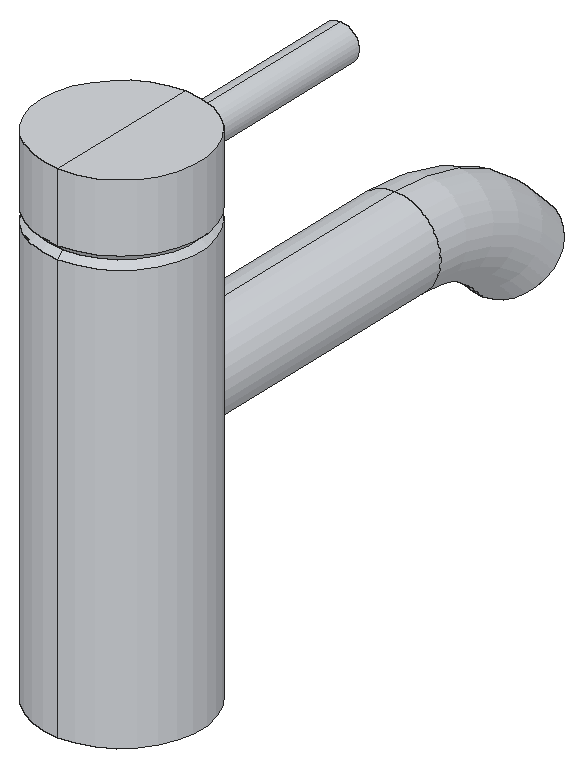
Revit family
Parameters (values of type "Standard")
  URL = "www.maxsibbern.dk"
  Reseller = "Max Sibbern A/S"
  Mounting Wall/Floor = "Wall"
  Mounting Bolts/Brackets = "Bolt"
  Model = "Ifö washbasin Care 660x580 mm"
  Manufacturer = "Ifö"
  Ifö Number = "25120"
  Fittings = none
  Elevation (top) [instance] = 850 mm
  CE Labeling = "ja"
  Assembly Code = ""
Reference planes
  plane 1: y = 0
  plane 2 "Center (Left/Right)": x = 125
  plane 3 "Back": y = 75
  plane 4: z = 850
  plane 5: z = 1612.254
  plane 6: z = 850
  plane 7: z = 1566
  plane 8: z = 860
  plane 9: z = 850
Forms (mm)
  Revolve 1, solid, material <- "Fittings"
    sketch origin (125, 84.927, 1.811) x (0, -1, 0) y (0, 0, 1)
      loop
        line (-55, 848.189) -> (-37.5, 848.189) -> (-37.5, 942.224) -> (-38.888, 943.612) -> (-37.5, 945) -> (-37.5, 960) -> (-55, 960) -> (-55, 848.189)
      axis (-55, 848.189) -> (-55, 960)
    angle from 0 to 360
  Revolve 2, solid, material <- "Fittings"
    sketch origin (125, 77.152, 41.811) x (0, -1, 0) y (0, 0, 1)
      loop
        line (-62.774, 910.937) -> (-62.774, 915) -> (-122.826, 915) -> (-122.826, 910.937) -> (-62.774, 910.937)
      axis (-62.774, 910.937) -> (-122.826, 910.937)
    angle from 0 to 360
  Sweep 3, solid, material <- "Fittings"
    path origin (125, 66.008, 0) x (0, -1, 0) y (0, 0, 1)
      loop
        line (-73.919, 906.811) -> (-148.919, 906.811)
        arc (-148.919, 906.811) -> (-166.419, 902.931) -> (-180.64, 892.019) r 41.409
    profile origin (125, 177.427, 906.811) x (0, 0, -1) y (-1, 0, 0)
      loop
        circle (0, 0) r 10
  Extrusion 4, solid, material <- "Fittings"
    sketch origin (125, 246.647, 892.019) x (-1, 0, 0) y (0, 0.766044, 0.642788)
      loop
        circle (0, 0) r 8.5
    from 0 to 2
Lines and regions (mm)
  Masking region 1
    outline origin (0, 0, 0) x (1, 0, 0) y (0, 1, 0)
      loop
        line (125, 75) -> (424.417, 75)
        arc (424.417, 75) -> (427.268, 247.5) -> (424.417, 420) r 5219.178
        arc (424.417, 420) -> (423.495, 487.766) -> (425.208, 555.518) r 1742.668
        arc (425.208, 555.518) -> (420.979, 586.717) -> (406.062, 614.443) r 88.201
        arc (406.062, 614.443) -> (361.563, 648.243) -> (306.337, 656.774) r 113.752
        arc (306.337, 656.774) -> (216.034, 644.306) -> (125, 639.513) r 1077.879
        arc (125, 639.513) -> (33.966, 644.306) -> (-56.337, 656.774) r 1077.879
        arc (-56.337, 656.774) -> (-111.563, 648.243) -> (-156.062, 614.443) r 113.752
        arc (-156.062, 614.443) -> (-170.979, 586.717) -> (-175.208, 555.518) r 88.201
        arc (-175.208, 555.518) -> (-173.495, 487.766) -> (-174.417, 420) r 1742.668
        arc (-174.417, 420) -> (-177.268, 247.5) -> (-174.417, 75) r 5219.178
        line (-174.417, 75) -> (125, 75)
  Masking region 2, not visible
    outline origin (0, 0, 0) x (1, 0, 0) y (0, 1, 0)
      loop
        line (125, 75) -> (424.417, 75)
        arc (424.417, 75) -> (427.268, 247.5) -> (424.417, 420) r 5219.178
        arc (424.417, 420) -> (423.495, 487.766) -> (425.208, 555.518) r 1742.668
        arc (425.208, 555.518) -> (420.979, 586.717) -> (406.062, 614.443) r 88.201
        arc (406.062, 614.443) -> (361.563, 648.243) -> (306.337, 656.774) r 113.752
        arc (306.337, 656.774) -> (216.034, 644.306) -> (125, 639.513) r 1077.879
        arc (125, 639.513) -> (33.966, 644.306) -> (-56.337, 656.774) r 1077.879
        arc (-56.337, 656.774) -> (-111.563, 648.243) -> (-156.062, 614.443) r 113.752
        arc (-156.062, 614.443) -> (-170.979, 586.717) -> (-175.208, 555.518) r 88.201
        arc (-175.208, 555.518) -> (-173.495, 487.766) -> (-174.417, 420) r 1742.668
        arc (-174.417, 420) -> (-177.268, 247.5) -> (-174.417, 75) r 5219.178
        line (-174.417, 75) -> (125, 75)
  Masking region 3, not visible
    outline origin (0, 75, -111) x (1, 0, 0) y (0, 0, 1)
      loop
        line (747.254, 1733.254) -> (443.926, 1733.254)
        arc (443.926, 1733.254) -> (444.059, 1705.011) -> (445.897, 1676.827) r 467.62
        arc (445.897, 1676.827) -> (446.412, 1673.263) -> (447.269, 1669.766) r 37.264
        arc (447.269, 1669.766) -> (446.966, 1668.397) -> (446.942, 1666.994) r 7.027
        arc (446.942, 1666.994) -> (452.944, 1610.452) -> (461.587, 1554.253) r 1213.693
        arc (461.587, 1554.253) -> (465.027, 1550.775) -> (469.902, 1550.376) r 7.044
        arc (469.902, 1550.376) -> (486.761, 1552.856) -> (503.794, 1553.341) r 144.995
        arc (503.794, 1553.341) -> (557.468, 1553.075) -> (611.139, 1552.476) r 8624.732
        arc (611.139, 1552.476) -> (625.553, 1558.676) -> (635.903, 1570.468) r 35.621
        arc (635.903, 1570.468) -> (645.714, 1572.517) -> (655.709, 1573.251) r 75.678
        line (655.709, 1573.251) -> (700.709, 1573.251)
        arc (700.709, 1573.251) -> (705.735, 1570.505) -> (708.21, 1565.34) r 9.33
        arc (708.21, 1565.34) -> (708.613, 1561.08) -> (709.104, 1556.83) r 207.109
        arc (709.104, 1556.83) -> (710.148, 1555.029) -> (712.166, 1554.522) r 2.673
        line (712.166, 1554.522) -> (747.254, 1554.522) -> (782.342, 1554.522)
        arc (782.342, 1554.522) -> (784.36, 1555.029) -> (785.404, 1556.83) r 2.673
        arc (785.404, 1556.83) -> (785.895, 1561.08) -> (786.298, 1565.34) r 207.109
        arc (786.298, 1565.34) -> (788.773, 1570.505) -> (793.799, 1573.251) r 9.33
        line (793.799, 1573.251) -> (838.799, 1573.251)
        arc (838.799, 1573.251) -> (848.794, 1572.517) -> (858.604, 1570.468) r 75.678
        arc (858.604, 1570.468) -> (868.955, 1558.676) -> (883.369, 1552.476) r 35.621
        arc (883.369, 1552.476) -> (937.04, 1553.075) -> (990.714, 1553.341) r 8624.732
        arc (990.714, 1553.341) -> (1007.747, 1552.856) -> (1024.606, 1550.376) r 144.995
        arc (1024.606, 1550.376) -> (1029.481, 1550.775) -> (1032.921, 1554.253) r 7.044
        arc (1032.921, 1554.253) -> (1041.564, 1610.452) -> (1047.566, 1666.994) r 1213.693
        arc (1047.566, 1666.994) -> (1047.542, 1668.397) -> (1047.239, 1669.766) r 7.027
        arc (1047.239, 1669.766) -> (1048.096, 1673.263) -> (1048.611, 1676.827) r 37.264
        arc (1048.611, 1676.827) -> (1050.449, 1705.011) -> (1050.582, 1733.254) r 467.62
        line (1050.582, 1733.254) -> (747.254, 1733.254)
  Masking region 4
    outline origin (-622.254, 75, -873.254) x (1, 0, 0) y (0, 0, 1)
      loop
        line (747.254, 1733.254) -> (443.926, 1733.254)
        arc (443.926, 1733.254) -> (444.059, 1705.011) -> (445.897, 1676.827) r 467.62
        arc (445.897, 1676.827) -> (446.412, 1673.263) -> (447.269, 1669.766) r 37.264
        arc (447.269, 1669.766) -> (446.966, 1668.397) -> (446.942, 1666.994) r 7.027
        arc (446.942, 1666.994) -> (452.944, 1610.452) -> (461.587, 1554.253) r 1213.693
        arc (461.587, 1554.253) -> (465.027, 1550.775) -> (469.902, 1550.376) r 7.044
        arc (469.902, 1550.376) -> (486.761, 1552.856) -> (503.794, 1553.341) r 144.995
        arc (503.794, 1553.341) -> (557.468, 1553.075) -> (611.139, 1552.476) r 8624.732
        arc (611.139, 1552.476) -> (625.553, 1558.676) -> (635.903, 1570.468) r 35.621
        arc (635.903, 1570.468) -> (645.714, 1572.517) -> (655.709, 1573.251) r 75.678
        line (655.709, 1573.251) -> (700.709, 1573.251)
        arc (700.709, 1573.251) -> (705.735, 1570.505) -> (708.21, 1565.34) r 9.33
        arc (708.21, 1565.34) -> (708.613, 1561.08) -> (709.104, 1556.83) r 207.109
        arc (709.104, 1556.83) -> (710.148, 1555.029) -> (712.166, 1554.522) r 2.673
        line (712.166, 1554.522) -> (747.254, 1554.522) -> (782.342, 1554.522)
        arc (782.342, 1554.522) -> (784.36, 1555.029) -> (785.404, 1556.83) r 2.673
        arc (785.404, 1556.83) -> (785.895, 1561.08) -> (786.298, 1565.34) r 207.109
        arc (786.298, 1565.34) -> (788.773, 1570.505) -> (793.799, 1573.251) r 9.33
        line (793.799, 1573.251) -> (838.799, 1573.251)
        arc (838.799, 1573.251) -> (848.794, 1572.517) -> (858.604, 1570.468) r 75.678
        arc (858.604, 1570.468) -> (868.955, 1558.676) -> (883.369, 1552.476) r 35.621
        arc (883.369, 1552.476) -> (937.04, 1553.075) -> (990.714, 1553.341) r 8624.732
        arc (990.714, 1553.341) -> (1007.747, 1552.856) -> (1024.606, 1550.376) r 144.995
        arc (1024.606, 1550.376) -> (1029.481, 1550.775) -> (1032.921, 1554.253) r 7.044
        arc (1032.921, 1554.253) -> (1041.564, 1610.452) -> (1047.566, 1666.994) r 1213.693
        arc (1047.566, 1666.994) -> (1047.542, 1668.397) -> (1047.239, 1669.766) r 7.027
        arc (1047.239, 1669.766) -> (1048.096, 1673.263) -> (1048.611, 1676.827) r 37.264
        arc (1048.611, 1676.827) -> (1050.449, 1705.011) -> (1050.582, 1733.254) r 467.62
        line (1050.582, 1733.254) -> (747.254, 1733.254)
  Masking region 5, not visible
    outline origin (125, -851.918, -484.519) x (0, 1, 0) y (0, 0, 1)
      loop
        line (926.918, 2050.519) -> (926.918, 1869.862)
        arc (926.918, 1869.862) -> (969.372, 1867.806) -> (1011.866, 1866.896) r 1575.166
        arc (1011.866, 1866.896) -> (1069.731, 1872.959) -> (1126.18, 1887.052) r 415.163
        arc (1126.18, 1887.052) -> (1128.006, 1884.488) -> (1129.008, 1881.503) r 10.713
        line (1129.008, 1881.503) -> (1130.734, 1871.813) -> (1206.086, 1871.813) -> (1205.457, 1883.808)
        arc (1205.457, 1883.808) -> (1205.751, 1888.615) -> (1207.119, 1893.233) r 21.273
        arc (1207.119, 1893.233) -> (1302.957, 1906.231) -> (1394.793, 1936.561) r 525.855
        arc (1394.793, 1936.561) -> (1414.929, 1950.635) -> (1432.882, 1967.405) r 173.931
        arc (1432.882, 1967.405) -> (1448.601, 1978.847) -> (1467.47, 1983.534) r 50.721
        arc (1467.47, 1983.534) -> (1481.445, 1985.385) -> (1495.39, 1987.458) r 886.558
        arc (1495.39, 1987.458) -> (1504.178, 1996.424) -> (1507.968, 2008.392) r 27.036
        arc (1507.968, 2008.392) -> (1507.996, 2029.561) -> (1505.023, 2050.519) r 148.975
        line (1505.023, 2050.519) -> (926.918, 2050.519)
  Masking region 6
    outline origin (125, -851.918, -1190.519) x (0, 1, 0) y (0, 0, 1)
      loop
        line (926.918, 2050.519) -> (926.918, 1869.862)
        arc (926.918, 1869.862) -> (969.372, 1867.806) -> (1011.866, 1866.896) r 1575.166
        arc (1011.866, 1866.896) -> (1069.731, 1872.959) -> (1126.18, 1887.052) r 415.163
        arc (1126.18, 1887.052) -> (1128.006, 1884.488) -> (1129.008, 1881.503) r 10.713
        line (1129.008, 1881.503) -> (1130.734, 1871.813) -> (1206.086, 1871.813) -> (1205.457, 1883.808)
        arc (1205.457, 1883.808) -> (1205.751, 1888.615) -> (1207.119, 1893.233) r 21.273
        arc (1207.119, 1893.233) -> (1302.957, 1906.231) -> (1394.793, 1936.561) r 525.855
        arc (1394.793, 1936.561) -> (1414.929, 1950.635) -> (1432.882, 1967.405) r 173.931
        arc (1432.882, 1967.405) -> (1448.601, 1978.847) -> (1467.47, 1983.534) r 50.721
        arc (1467.47, 1983.534) -> (1481.445, 1985.385) -> (1495.39, 1987.458) r 886.558
        arc (1495.39, 1987.458) -> (1504.178, 1996.424) -> (1507.968, 2008.392) r 27.036
        arc (1507.968, 2008.392) -> (1507.996, 2029.561) -> (1505.023, 2050.519) r 148.975
        line (1505.023, 2050.519) -> (926.918, 2050.519)
  symbolic lines
    curve 1: line (125, 616.72, 0) -> (70, 616.72, 0)
    curve 2: arc (70, 616.72, 0) -> (25, 617.899, 0) -> (-19.877, 621.431, 0) r 859.83
    curve 3: arc (-19.877, 621.431, 0) -> (-48.748, 622.187, 0) -> (-77.383, 618.417, 0) r 184.054
    curve 4: arc (-77.383, 618.417, 0) -> (-100.097, 605.037, 0) -> (-110.185, 580.682, 0) r 41.541
    curve 5: arc (-110.185, 580.682, 0) -> (-113.104, 544.944, 0) -> (-110.185, 509.206, 0) r 220.277
    curve 6: arc (-110.185, 509.206, 0) -> (-92.756, 401.989, 0) -> (-63.343, 297.423, 0) r 961.336
    curve 7: arc (-63.343, 297.423, 0) -> (-38.308, 268.082, 0) -> (-2.667, 253.339, 0) r 82.452
    curve 8: arc (-2.667, 253.339, 0) -> (61.05, 247.765, 0) -> (125, 246.648, 0) r 916.514
    curve 9: line (125, 616.72, 0) -> (180, 616.72, 0)
    curve 10: arc (180, 616.72, 0) -> (225, 617.899, 0) -> (269.877, 621.431, 0) r 859.83
    curve 11: arc (269.877, 621.431, 0) -> (298.748, 622.187, 0) -> (327.383, 618.417, 0) r 184.054
    curve 12: arc (327.383, 618.417, 0) -> (350.097, 605.037, 0) -> (360.185, 580.682, 0) r 41.541
    curve 13: arc (360.185, 580.682, 0) -> (363.104, 544.944, 0) -> (360.185, 509.206, 0) r 220.277
    curve 14: arc (360.185, 509.206, 0) -> (342.756, 401.989, 0) -> (313.343, 297.423, 0) r 961.336
    curve 15: arc (313.343, 297.423, 0) -> (288.308, 268.082, 0) -> (252.667, 253.339, 0) r 82.452
    curve 16: arc (252.667, 253.339, 0) -> (188.95, 247.765, 0) -> (125, 246.648, 0) r 916.514
    curve 17: circle (125, 315.832, 0) r 45 normal (0, 0, 1)
    curve 37: arc (424.985, 75, 796.512) -> (125, 75, 798.842) -> (-174.985, 75, 796.512) r 19309.509
    curve 38: line (171.545, 75, 699.997) -> (78.455, 75, 699.997)
    curve 46: line (125, 598.538, 796.053) -> (125, 333.538, 796.053)
    curve 47: arc (125, 333.538, 796.053) -> (125, 321.668, 784.683) -> (125, 312.532, 771.019) r 75.698
    curve 48: arc (125, 312.532, 771.019) -> (125, 311.009, 760.536) -> (125, 316.348, 751.386) r 16.052
    curve 49: arc (125, 316.348, 751.386) -> (125, 318.948, 744.05) -> (125, 317.394, 736.423) r 14.554
    curve 50: arc (125, 317.394, 736.423) -> (125, 299.384, 712.633) -> (125, 274.262, 696.533) r 85.004
    curve 51: arc (125, 598.538, 796.053) -> (125, 605.458, 795.203) -> (125, 611.966, 792.705) r 28.603
    curve 52: line (125, 354.183, 702.736) -> (125, 286.366, 702.736)
  symbolic lines, not visible
    curve 18: line (125, 616.72, 0) -> (70, 616.72, 0)
    curve 19: arc (70, 616.72, 0) -> (25, 617.899, 0) -> (-19.877, 621.431, 0) r 859.83
    curve 20: arc (-19.877, 621.431, 0) -> (-48.748, 622.187, 0) -> (-77.383, 618.417, 0) r 184.054
    curve 21: arc (-77.383, 618.417, 0) -> (-100.097, 605.037, 0) -> (-110.185, 580.682, 0) r 41.541
    curve 22: arc (-110.185, 580.682, 0) -> (-113.104, 544.944, 0) -> (-110.185, 509.206, 0) r 220.277
    curve 23: arc (-110.185, 509.206, 0) -> (-92.756, 401.989, 0) -> (-63.343, 297.423, 0) r 961.336
    curve 24: arc (-63.343, 297.423, 0) -> (-38.308, 268.082, 0) -> (-2.667, 253.339, 0) r 82.452
    curve 25: arc (-2.667, 253.339, 0) -> (61.05, 247.765, 0) -> (125, 246.648, 0) r 916.514
    curve 26: line (125, 616.72, 0) -> (180, 616.72, 0)
    curve 27: arc (180, 616.72, 0) -> (225, 617.899, 0) -> (269.877, 621.431, 0) r 859.83
    curve 28: arc (269.877, 621.431, 0) -> (298.748, 622.187, 0) -> (327.383, 618.417, 0) r 184.054
    curve 29: arc (327.383, 618.417, 0) -> (350.097, 605.037, 0) -> (360.185, 580.682, 0) r 41.541
    curve 30: arc (360.185, 580.682, 0) -> (363.104, 544.944, 0) -> (360.185, 509.206, 0) r 220.277
    curve 31: arc (360.185, 509.206, 0) -> (342.756, 401.989, 0) -> (313.343, 297.423, 0) r 961.336
    curve 32: arc (313.343, 297.423, 0) -> (288.308, 268.082, 0) -> (252.667, 253.339, 0) r 82.452
    curve 33: arc (252.667, 253.339, 0) -> (188.95, 247.765, 0) -> (125, 246.648, 0) r 916.514
    curve 34: circle (125, 315.832, 0) r 45 normal (0, 0, 1)
    curve 35: arc (1047.239, 75, 1558.766) -> (747.254, 75, 1561.096) -> (447.269, 75, 1558.766) r 19309.509
    curve 36: line (793.799, 75, 1462.251) -> (700.709, 75, 1462.251)
    curve 39: line (125, 598.538, 1502.053) -> (125, 333.538, 1502.053)
    curve 40: arc (125, 333.538, 1502.053) -> (125, 321.668, 1490.683) -> (125, 312.532, 1477.019) r 75.698
    curve 41: arc (125, 312.532, 1477.019) -> (125, 311.009, 1466.536) -> (125, 316.348, 1457.386) r 16.052
    curve 42: arc (125, 316.348, 1457.386) -> (125, 318.948, 1450.05) -> (125, 317.394, 1442.423) r 14.554
    curve 43: arc (125, 317.394, 1442.423) -> (125, 299.384, 1418.633) -> (125, 274.262, 1402.533) r 85.004
    curve 44: arc (125, 598.538, 1502.053) -> (125, 605.458, 1501.203) -> (125, 611.966, 1498.705) r 28.603
    curve 45: line (125, 354.183, 1408.736) -> (125, 286.366, 1408.736)
Text (mm)
  text "Placement side" at (-1787.139, 592.35, 0), in view "Ref. Level"
  text "Placement side" at (0, 1827.695, 2917.686), in view "Left"
  text "Placement side" at (0, 562.268, 3853.606), in view "Right"
Dimensions and locks
  locked: plane 3 "Back" to host wall at 0
  "Elevation (top)": plane 4 to level
  locked: plane 6 to Masking region 4 at 10
  locked: plane 9 to plane 8 at 10
  "Elevation (top)": plane 9 to level
  aligned and locked: plane 1 to host wall
  aligned and locked: plane 2 "Center (Left/Right)" to nested 1
  aligned and locked: plane 3 "Back" to nested 1
  aligned and locked: Masking region 1 to host wall
  aligned and locked: plane 2 "Center (Left/Right)" to Masking region 4
  aligned and locked: plane 6 to nested 1
  aligned and locked: plane 6 to plane 4
  aligned and locked: plane 7 to Masking region 5
  aligned and locked: plane 8 to Masking region 6
  aligned: plane 8 to nested 1
  aligned and locked: Masking region 6 to plane 3 "Back"
Automatic sketch dimensions
  Masking region 1 sketch curve to Masking region 1 sketch curve = 10.779 mm  (x2)
  Masking region 1 sketch curve to Masking region 1 sketch curve = 19.979 mm  (x2)
  Masking region 1 sketch curve to Masking region 1 sketch curve = 68.966 mm  (x2)
  Masking region 1 sketch curve to Masking region 1 sketch curve = 0 mm  (x7)
  Masking region 1 sketch curve to Masking region 1 sketch curve = 107.301 mm  (x2)
  Masking region 1 sketch curve to Masking region 1 sketch curve = 299.417 mm  (x2)
  Masking region 1 sketch curve to Masking region 1 sketch curve = 19.146 mm  (x2)
  Masking region 1 sketch curve to Masking region 1 sketch curve = 1741.716 mm  (x2)
  Masking region 1 sketch curve to Masking region 1 sketch curve = 2875.776 mm  (x2)
  Masking region 1 sketch curve to Masking region 1 sketch curve = 17.26 mm
  Masking region 1 sketch curve to Masking region 1 sketch curve = 170.236 mm
  Masking region 1 sketch curve to Masking region 1 sketch curve = 181.337 mm  (x2)
  Masking region 1 sketch curve to Masking region 1 sketch curve = 22.203 mm
  Masking region 1 sketch curve to Masking region 1 sketch curve = 172.5 mm
  Masking region 1 sketch curve to Masking region 1 sketch curve = 230.097 mm
  Masking region 2 sketch curve to Masking region 2 sketch curve = 10.779 mm  (x2)
  Masking region 2 sketch curve to Masking region 2 sketch curve = 19.979 mm  (x2)
  Masking region 2 sketch curve to Masking region 2 sketch curve = 68.966 mm  (x2)
  Masking region 2 sketch curve to Masking region 2 sketch curve = 0 mm  (x7)
  Masking region 2 sketch curve to Masking region 2 sketch curve = 107.301 mm  (x2)
  Masking region 2 sketch curve to Masking region 2 sketch curve = 299.417 mm  (x2)
  Masking region 2 sketch curve to Masking region 2 sketch curve = 19.146 mm  (x2)
  Masking region 2 sketch curve to Masking region 2 sketch curve = 1741.716 mm  (x2)
  Masking region 2 sketch curve to Masking region 2 sketch curve = 2875.776 mm  (x2)
  Masking region 2 sketch curve to Masking region 2 sketch curve = 17.26 mm
  Masking region 2 sketch curve to Masking region 2 sketch curve = 170.236 mm
  Masking region 2 sketch curve to Masking region 2 sketch curve = 181.337 mm  (x2)
  Masking region 2 sketch curve to Masking region 2 sketch curve = 22.203 mm
  Masking region 2 sketch curve to Masking region 2 sketch curve = 172.5 mm
  Masking region 2 sketch curve to Masking region 2 sketch curve = 230.097 mm
  Masking region 3 sketch curve to Masking region 3 sketch curve = 1.97 mm  (x2)
  Masking region 3 sketch curve to Masking region 3 sketch curve = 0 mm  (x7)
  Masking region 3 sketch curve to Masking region 3 sketch curve = 1.045 mm
  Masking region 3 sketch curve to Masking region 3 sketch curve = 0.327 mm  (x2)
  Masking region 3 sketch curve to Masking region 3 sketch curve = 7.003 mm
  Masking region 3 sketch curve to Masking region 3 sketch curve = 7.643 mm
  Masking region 3 sketch curve to Masking region 3 sketch curve = 6.417 mm  (x2)
  Masking region 3 sketch curve to Masking region 3 sketch curve = 1.898 mm  (x2)
  Masking region 3 sketch curve to Masking region 3 sketch curve = 29.047 mm  (x2)
  Masking region 3 sketch curve to Masking region 3 sketch curve = 29.496 mm
  Masking region 3 sketch curve to Masking region 3 sketch curve = 33.892 mm  (x2)
  Masking region 3 sketch curve to Masking region 3 sketch curve = 76.126 mm  (x2)
  Masking region 3 sketch curve to Masking region 3 sketch curve = 100.122 mm  (x2)
  Masking region 3 sketch curve to Masking region 3 sketch curve = 24.694 mm  (x2)
  Masking region 3 sketch curve to Masking region 3 sketch curve = 6.524 mm  (x2)
  Masking region 3 sketch curve to Masking region 3 sketch curve = 24.764 mm  (x2)
  Masking region 3 sketch curve to Masking region 3 sketch curve = 19.805 mm  (x2)
  Masking region 3 sketch curve to Masking region 3 sketch curve = 45.107 mm
  Masking region 3 sketch curve to Masking region 3 sketch curve = 43.256 mm  (x2)
  Masking region 3 sketch curve to Masking region 3 sketch curve = 1.744 mm  (x2)
  Masking region 3 sketch curve to Masking region 3 sketch curve = 9.245 mm
  Masking region 3 sketch curve to Masking region 3 sketch curve = 0.895 mm  (x2)
  Masking region 3 sketch curve to Masking region 3 sketch curve = 2.652 mm  (x2)
  Masking region 3 sketch curve to Masking region 3 sketch curve = 0.41 mm  (x2)
  Masking region 3 sketch curve to Masking region 3 sketch curve = 164.141 mm
  Masking region 3 sketch curve to Masking region 3 sketch curve = 35.088 mm  (x2)
  Masking region 3 sketch curve to Masking region 3 sketch curve = 7.501 mm
  Masking region 3 sketch curve to Masking region 3 sketch curve = 42.719 mm
  Masking region 3 sketch curve to Masking region 3 sketch curve = 21.502 mm
  Masking region 3 sketch curve to Masking region 3 sketch curve = 4.396 mm
  Masking region 3 sketch curve to Masking region 3 sketch curve = 518.589 mm
  Masking region 3 sketch curve to Masking region 3 sketch curve = 6.675 mm
  Masking region 3 sketch curve to Masking region 3 sketch curve = 1.373 mm
  Masking region 3 sketch curve to Masking region 3 sketch curve = 605.943 mm  (x2)
  Masking region 3 sketch curve to Masking region 3 sketch curve = 89.163 mm  (x2)
  Masking region 3 sketch curve to Masking region 3 sketch curve = 141.963 mm  (x2)
  Masking region 3 sketch curve to Masking region 3 sketch curve = 3.878 mm  (x2)
  Masking region 3 sketch curve to Masking region 3 sketch curve = 56.947 mm
  Masking region 3 sketch curve to Masking region 3 sketch curve = 2.307 mm  (x2)
  Masking region 3 sketch curve to Masking region 3 sketch curve = 1.254 mm  (x2)
  Masking region 3 sketch curve to Masking region 3 sketch curve = 109.835 mm  (x2)
  Masking region 3 sketch curve to Masking region 3 sketch curve = 7.061 mm
  Masking region 3 sketch curve to Masking region 3 sketch curve = 11.438 mm
  Masking region 3 sketch curve to Masking region 3 sketch curve = 8479.789 mm
  Masking region 3 sketch curve to Masking region 3 sketch curve = 174.317 mm
  Masking region 4 sketch curve to Masking region 4 sketch curve = 1.97 mm  (x2)
  Masking region 4 sketch curve to Masking region 4 sketch curve = 0 mm  (x7)
  Masking region 4 sketch curve to Masking region 4 sketch curve = 1.045 mm
  Masking region 4 sketch curve to Masking region 4 sketch curve = 0.327 mm  (x2)
  Masking region 4 sketch curve to Masking region 4 sketch curve = 7.003 mm
  Masking region 4 sketch curve to Masking region 4 sketch curve = 7.643 mm
  Masking region 4 sketch curve to Masking region 4 sketch curve = 6.417 mm  (x2)
  Masking region 4 sketch curve to Masking region 4 sketch curve = 1.898 mm  (x2)
  Masking region 4 sketch curve to Masking region 4 sketch curve = 29.047 mm  (x2)
  Masking region 4 sketch curve to Masking region 4 sketch curve = 29.496 mm
  Masking region 4 sketch curve to Masking region 4 sketch curve = 33.892 mm  (x2)
  Masking region 4 sketch curve to Masking region 4 sketch curve = 76.126 mm  (x2)
  Masking region 4 sketch curve to Masking region 4 sketch curve = 100.122 mm  (x2)
  Masking region 4 sketch curve to Masking region 4 sketch curve = 24.694 mm  (x2)
  Masking region 4 sketch curve to Masking region 4 sketch curve = 6.524 mm  (x2)
  Masking region 4 sketch curve to Masking region 4 sketch curve = 24.764 mm  (x2)
  Masking region 4 sketch curve to Masking region 4 sketch curve = 19.805 mm  (x2)
  Masking region 4 sketch curve to Masking region 4 sketch curve = 45.107 mm
  Masking region 4 sketch curve to Masking region 4 sketch curve = 43.256 mm  (x2)
  Masking region 4 sketch curve to Masking region 4 sketch curve = 1.744 mm  (x2)
  Masking region 4 sketch curve to Masking region 4 sketch curve = 9.245 mm
  Masking region 4 sketch curve to Masking region 4 sketch curve = 0.895 mm  (x2)
  Masking region 4 sketch curve to Masking region 4 sketch curve = 2.652 mm  (x2)
  Masking region 4 sketch curve to Masking region 4 sketch curve = 0.41 mm  (x2)
  Masking region 4 sketch curve to Masking region 4 sketch curve = 164.141 mm
  Masking region 4 sketch curve to Masking region 4 sketch curve = 35.088 mm  (x2)
  Masking region 4 sketch curve to Masking region 4 sketch curve = 7.501 mm
  Masking region 4 sketch curve to Masking region 4 sketch curve = 42.719 mm
  Masking region 4 sketch curve to Masking region 4 sketch curve = 21.502 mm
  Masking region 4 sketch curve to Masking region 4 sketch curve = 4.396 mm
  Masking region 4 sketch curve to Masking region 4 sketch curve = 518.589 mm
  Masking region 4 sketch curve to Masking region 4 sketch curve = 6.675 mm
  Masking region 4 sketch curve to Masking region 4 sketch curve = 1.373 mm
  Masking region 4 sketch curve to Masking region 4 sketch curve = 605.943 mm  (x2)
  Masking region 4 sketch curve to Masking region 4 sketch curve = 89.163 mm  (x2)
  Masking region 4 sketch curve to Masking region 4 sketch curve = 141.963 mm  (x2)
  Masking region 4 sketch curve to Masking region 4 sketch curve = 3.878 mm  (x2)
  Masking region 4 sketch curve to Masking region 4 sketch curve = 56.947 mm
  Masking region 4 sketch curve to Masking region 4 sketch curve = 2.307 mm  (x2)
  Masking region 4 sketch curve to Masking region 4 sketch curve = 1.254 mm  (x2)
  Masking region 4 sketch curve to Masking region 4 sketch curve = 109.835 mm  (x2)
  Masking region 4 sketch curve to Masking region 4 sketch curve = 7.061 mm
  Masking region 4 sketch curve to Masking region 4 sketch curve = 11.438 mm
  Masking region 4 sketch curve to Masking region 4 sketch curve = 8479.789 mm
  Masking region 4 sketch curve to Masking region 4 sketch curve = 174.317 mm
  curve 43 to curve 43 = 85.004 mm  (x2)
  curve 43 to curve 45 = 13.601 mm  (x2)
  curve 45 to curve 42 = 44.162 mm  (x2)
  curve 42 to curve 40 = 29.134 mm
  curve 41 to curve 40 = 0 mm
  curve 42 to curve 42 = 14.554 mm  (x2)
  curve 42 to curve 43 = 14.554 mm
  curve 42 to curve 43 = 0 mm  (x2)
  curve 42 to curve 41 = 16.052 mm  (x2)
  curve 41 to curve 39 = 32.679 mm
  curve 42 to curve 45 = 49.882 mm
  curve 45 to curve 40 = 41.917 mm  (x4)
  curve 40 to curve 39 = 226.964 mm
  curve 44 to curve 44 = 13.84 mm  (x2)
  curve 43 to curve 45 = 80.161 mm  (x2)
  curve 44 to curve 44 = 28.603 mm  (x2)
  curve 42 to curve 41 = 29.134 mm
  curve 40 to curve 41 = 0 mm  (x2)
  curve 42 to curve 41 = 14.554 mm
  curve 43 to curve 42 = 0 mm
  curve 40 to curve 39 = 32.679 mm
  curve 43 to curve 45 = 49.882 mm
  curve 40 to curve 44 = 221.126 mm
  curve 43 to curve 45 = 12.104 mm
  curve 45 to curve 42 = 18.063 mm
  curve 42 to curve 40 = 8.103 mm
  curve 42 to curve 42 = 11.919 mm
  curve 42 to curve 43 = 12.965 mm
  curve 40 to curve 41 = 14.234 mm
  curve 41 to curve 39 = 21.006 mm
  curve 45 to curve 40 = 25.473 mm
  curve 40 to curve 39 = 218.882 mm
  curve 44 to curve 44 = 13.428 mm
  curve 43 to curve 45 = 6.203 mm
  curve 42 to curve 42 = 6.612 mm
  curve 42 to curve 41 = 12.212 mm
  curve 40 to curve 44 = 31.424 mm
  curve 44 to curve 44 = 25.255 mm
  Masking region 6 sketch curve to Masking region 6 sketch curve = 70.721 mm
  Masking region 6 sketch curve to Masking region 6 sketch curve = 84.948 mm
  Masking region 6 sketch curve to Masking region 6 sketch curve = 106.594 mm
  Masking region 6 sketch curve to Masking region 6 sketch curve = 7.72 mm
  Masking region 6 sketch curve to Masking region 6 sketch curve = 2.828 mm
  Masking region 6 sketch curve to Masking region 6 sketch curve = 1.726 mm
  Masking region 6 sketch curve to Masking region 6 sketch curve = 187.026 mm
  Masking region 6 sketch curve to Masking region 6 sketch curve = 74.723 mm
  Masking region 6 sketch curve to Masking region 6 sketch curve = 0.629 mm
  Masking region 6 sketch curve to Masking region 6 sketch curve = 1.662 mm
  Masking region 6 sketch curve to Masking region 6 sketch curve = 19.582 mm
  Masking region 6 sketch curve to Masking region 6 sketch curve = 78.77 mm
  Masking region 6 sketch curve to Masking region 6 sketch curve = 173.395 mm
  Masking region 6 sketch curve to Masking region 6 sketch curve = 53.913 mm
  Masking region 6 sketch curve to Masking region 6 sketch curve = 35.409 mm
  Masking region 6 sketch curve to Masking region 6 sketch curve = 38.089 mm
  Masking region 6 sketch curve to Masking region 6 sketch curve = 0 mm  (x2)
  Masking region 6 sketch curve to Masking region 6 sketch curve = 34.588 mm
  Masking region 6 sketch curve to Masking region 6 sketch curve = 37.155 mm
  Masking region 6 sketch curve to Masking region 6 sketch curve = 13.533 mm
  Masking region 6 sketch curve to Masking region 6 sketch curve = 14.386 mm
  Masking region 6 sketch curve to Masking region 6 sketch curve = 24.019 mm
  Masking region 6 sketch curve to Masking region 6 sketch curve = 12.579 mm
  Masking region 6 sketch curve to Masking region 6 sketch curve = 1.951 mm
  Masking region 6 sketch curve to Masking region 6 sketch curve = 2.966 mm
  Masking region 6 sketch curve to Masking region 6 sketch curve = 7.811 mm
  Masking region 6 sketch curve to Masking region 6 sketch curve = 9.69 mm
  Masking region 6 sketch curve to Masking region 6 sketch curve = 11.995 mm
  Masking region 6 sketch curve to Masking region 6 sketch curve = 1.113 mm
  Masking region 6 sketch curve to Masking region 6 sketch curve = 47.957 mm
  Masking region 6 sketch curve to Masking region 6 sketch curve = 3.683 mm
  Masking region 6 sketch curve to Masking region 6 sketch curve = 3.924 mm
  Masking region 6 sketch curve to Masking region 6 sketch curve = 20.935 mm
  Masking region 6 sketch curve to Masking region 6 sketch curve = 333.716 mm
  curve 50 to curve 50 = 85.004 mm  (x2)
  curve 50 to curve 52 = 13.601 mm  (x2)
  curve 52 to curve 49 = 44.162 mm  (x2)
  curve 49 to curve 47 = 29.134 mm
  curve 48 to curve 47 = 0 mm
  curve 49 to curve 49 = 14.554 mm  (x2)
  curve 49 to curve 50 = 14.554 mm
  curve 49 to curve 50 = 0 mm  (x2)
  curve 49 to curve 48 = 16.052 mm  (x2)
  curve 48 to curve 46 = 32.679 mm
  curve 49 to curve 52 = 49.882 mm
  curve 52 to curve 47 = 41.917 mm  (x4)
  curve 47 to curve 46 = 226.964 mm
  curve 51 to curve 51 = 13.84 mm  (x2)
  curve 50 to curve 52 = 80.161 mm  (x2)
  curve 51 to curve 51 = 28.603 mm  (x2)
  curve 49 to curve 48 = 29.134 mm
  curve 47 to curve 48 = 0 mm  (x2)
  curve 49 to curve 48 = 14.554 mm
  curve 50 to curve 49 = 0 mm
  curve 47 to curve 46 = 32.679 mm
  curve 50 to curve 52 = 49.882 mm
  curve 47 to curve 51 = 221.126 mm
  curve 50 to curve 52 = 12.104 mm
  curve 52 to curve 49 = 18.063 mm
  curve 49 to curve 47 = 8.103 mm
  curve 49 to curve 49 = 11.919 mm
  curve 49 to curve 50 = 12.965 mm
  curve 47 to curve 48 = 14.234 mm
  curve 48 to curve 46 = 21.006 mm
  curve 52 to curve 47 = 25.473 mm
  curve 47 to curve 46 = 218.882 mm
  curve 51 to curve 51 = 13.428 mm
  curve 50 to curve 52 = 6.203 mm
  curve 49 to curve 49 = 6.612 mm
  curve 49 to curve 48 = 12.212 mm
  curve 47 to curve 51 = 31.424 mm
  curve 51 to curve 51 = 25.255 mm
  Revolve 1 sketch curve to plane 4 = 0 mm
  host wall to Revolve 1 sketch curve = 64.927 mm
  Revolve 1 sketch curve to Revolve 1 sketch curve = 0 mm
  Revolve 1 sketch curve to Revolve 1 sketch curve = 16.112 mm
  Revolve 1 sketch curve to Revolve 1 sketch curve = 1.388 mm  (x3)
  Revolve 1 sketch curve to plane 8 = 26.811 mm
  Revolve 1 sketch curve to Revolve 1 sketch curve = 42.5 mm
  Revolve 1 sketch curve to Revolve 1 sketch curve = 14.724 mm
  Revolve 1 sketch curve to Revolve 1 sketch curve = 16.388 mm
  host wall to Revolve 2 sketch curve = 124.978 mm
  Revolve 2 sketch curve to Revolve 2 sketch curve = 34.957 mm
  Revolve 2 sketch curve to Revolve 2 sketch curve = 10 mm
  Revolve 2 sketch curve to Revolve 2 sketch curve = 15.095 mm
  Revolve 2 sketch curve to plane 8 = 92.748 mm
  Revolve 2 sketch curve to Revolve 2 sketch curve = 0 mm
  Revolve 2 sketch curve to Revolve 2 sketch curve = 4.063 mm
  Sweep 3 sketch curve to plane 8 = 32.019 mm
  Sweep 3 sketch curve to plane 3 "Back" = 171.647 mm
  Sweep 3 sketch curve to plane 8 = 5.402 mm
  Sweep 3 sketch curve to Sweep 3 sketch curve = 31.721 mm
  Sweep 3 sketch curve to plane 3 "Back" = 64.927 mm
  Sweep 3 sketch curve to profile plane = 0 mm
  profile plane to Sweep 3 sketch curve = 0 mm
  radius of Sweep 3 sketch curve = 10 mm
  radius of Extrusion 4 sketch curve to Sweep 3 = 1.5 mm
Nested families
  nested 1: "Sink" at (125, 75, 82.217), type "Sink"
Definition of nested family "Sink"
  Parameters (values of type "Sink")
    Assembly Code = ""
  Reference planes
    plane 1 "Center (Front/Back)": y = 0
    plane 2: z = 0
    plane 3 "Center (Left/Right)": x = 0
    plane 4: z = 777.783
    plane 5: z = 767.783
    plane 6: y = 10
  Dimensions and locks
    locked: plane 6 to plane 1 "Center (Front/Back)" at 10
    locked: plane 4 to plane 5 at 10
    aligned and locked: import instance to plane 6
    aligned and locked: plane 3 "Center (Left/Right)" to import instance
    aligned and locked: plane 5 to import instance
